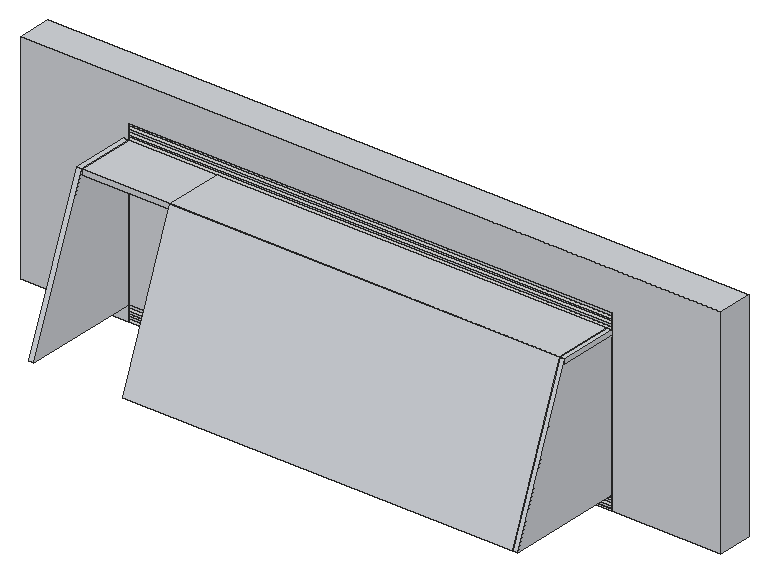
Revit family "Fireplace_Insert", category Generic Models, host Wall, Revit 2026
Family settings
  Host = Wall
  Can host rebar = No
  Round Connector Dimension = Use Diameter
  Part Type = Normal
  Always vertical = Yes
  Cut with Voids When Loaded = No
  Maintain Annotation Orientation = No
  Shared = No
  Room Calculation Point = No
Parameters
  gratefins = (Firebox Width / 0' 1")  # 30
  Warranty Duration (Years) = 0
  Test Data = ""
  Specification = "http://www.arcat.com/divs/sec/secXXXXX.shtml"
  Sales Information = ""
  Product Properties = "http://www.arcat.com/bim/bim_info.pl?fn=XXXXXXXX"
  Product Data = "http://www.arcat.com/divs/sec/secXXXXX.shtml"
  Model = "Generic"  # constant formula
  Manufacturer Website = "http://www.arcat.com/"
  Manufacturer Phone - Toll Free = ""
  Manufacturer Phone = "(203) 929-9444"  # constant formula
  Manufacturer Fax = "(203) 929-2444"  # constant formula
  Manufacturer Email = "bim@arcat.com"  # constant formula
  Manufacturer Address = "1077 Bridgeport Ave, Shelton, CT  06484"  # constant formula
  Manufacturer = "Generic"  # constant formula
  Mantle Thickness = 0' - 11"
  Maintenance Schedule (Months) = 0
  Installation-Fabrication = ""
  Installation Phase = ""
  Gross Width = 6' - 8 3/32"
  Gross Projection = 1' - 3"
  Gross Height = 4' - 8 57/128"
  Gross Depth = 1' - 3"
  Green Building-LEED = "http://www.arcat.com/green/green_building.shtml"
  Firebox Width = 2' - 6"
  Firebox Height = 4' - 8 57/128"
  Expected Lifespan (Years) = 0
  Drawn By = "Robert S. Weygant, CSI, CDT, SCIP"  # constant formula
  Default Elevation = 0' - 0"
  Copyright = "2008, ARCAT, Inc."  # constant formula
  Construction Details = "http://www.arcat.com/divs/sec/secXXXXX.shtml"
  Building Codes = ""
Reference planes (in)
  plane 1: y = -6.5
  plane 2 "Center (Left/Right)": x = 4.59649
  plane 3 "Wall Edge": y = -10
  plane 4: z = 22
  plane 5 "Left": x = 40.59649
  plane 6 "Right": x = -30.40351
  plane 7: y = 5
  plane 8: y = -10
  plane 9: x = 29.59649
  plane 10: z = 2.5
  plane 11: z = 11.5
  plane 12: x = -10.40351
  plane 13: x = 19.59649
Forms (in)
  Extrusion 1, solid
    sketch origin (-25.40221, -10, 0) x (-1, 0, 0) y (0, 0, 1)
      loop
        line (-5.9987, 0) -> (5.0013, 0) -> (5.0013, 22) -> (-65.9987, 22) -> (-65.9987, 0) -> (-54.9987, 0) -> (-54.9987, 18) -> (-5.9987, 18) -> (-5.9987, 0)
    from 0 to 3.5
  Extrusion 2, solid
    sketch origin (0.09649, -10, 0) x (-1, 0, 0) y (0, 0, 1)
      loop
        line (-19.5, 2.5) -> (10.5, 2.5) -> (10.5, 11.5) -> (-19.5, 11.5) -> (-19.5, 2.5)
      loop
        line (-29.5, 1.5) -> (19.5, 1.5) -> (19.5, 16) -> (-29.5, 16) -> (-29.5, 1.5)
    from 0 to 1
  Extrusion 3, solid
    sketch origin (0.09649, -10, 0) x (-1, 0, 0) y (0, 0, 1)
      loop
        line (-29.5, 0) -> (19.5, 0) -> (19.5, 0.25) -> (-29.5, 0.25) -> (-29.5, 0)
    from 0 to 3.5
  Extrusion 4, solid
    sketch origin (0.09649, -10, 0.5) x (-1, 0, 0) y (0, 0, 1)
      loop
        line (-29.5, 0) -> (19.5, 0) -> (19.5, 0.25) -> (-29.5, 0.25) -> (-29.5, 0)
    from 0 to 3.5
  Extrusion 5, solid
    sketch origin (0.09649, -10, 1) x (-1, 0, 0) y (0, 0, 1)
      loop
        line (-29.5, 0) -> (19.5, 0) -> (19.5, 0.25) -> (-29.5, 0.25) -> (-29.5, 0)
    from 0 to 3.5
  Extrusion 6, solid
    sketch origin (0.09649, -10, 16.5) x (-1, 0, 0) y (0, 0, 1)
      loop
        line (-29.5, 0) -> (19.5, 0) -> (19.5, 0.25) -> (-29.5, 0.25) -> (-29.5, 0)
    from 0 to 3.5
  Extrusion 7, solid
    sketch origin (0.09649, -10, 17) x (-1, 0, 0) y (0, 0, 1)
      loop
        line (-29.5, 0) -> (19.5, 0) -> (19.5, 0.25) -> (-29.5, 0.25) -> (-29.5, 0)
    from 0 to 3.5
  Extrusion 8, solid
    sketch origin (0.09649, -10, 17.5) x (-1, 0, 0) y (0, 0, 1)
      loop
        line (-29.5, 0) -> (19.5, 0) -> (19.5, 0.25) -> (-29.5, 0.25) -> (-29.5, 0)
    from 0 to 3.5
  Extrusion 9, solid
    sketch origin (-0.31091, 3.25, 1.5) x (-1, 0, 0) y (0, -1, 0)
      loop
        line (9.87135, 13) -> (10.0926, 13) -> (10.0926, 23.5) -> (9.87135, 23.5) -> (9.87135, 13)
    from 0 to 1
  Extrusion 10, solid
    sketch origin (0.09649, -10, 0) x (-1, 0, 0) y (0, 0, 1)
      loop
        line (19.5, 18) -> (-29.5, 18) -> (-29.5, 16.5) -> (19.5, 16.5) -> (19.5, 18)
      loop
        line (19.5, 1.5) -> (-29.5, 1.5) -> (-29.5, 0) -> (19.5, 0) -> (19.5, 1.5)
    from 0 to 0.125
  Extrusion 11, solid
    sketch origin (0.09649, 3, 16) x (-1, 0, 0) y (0, -1, 0)
      loop
        line (-29.5, 19) -> (-29.5, 13) -> (19.5, 13) -> (19.5, 19) -> (-29.5, 19)
    from 0 to 0.5
  Extrusion 12, solid
    sketch origin (21.09649, 3, 0) x (0, -1, 0) y (0, 0, 1)
      loop
        line (19, 16.5) -> (13, 16.5) -> (13, 1.5) -> (25, 1.5) -> (19, 16.5)
    from -8.5 to -8
  Extrusion 13, solid
    sketch origin (-24.90351, 3, 0) x (0, -1, 0) y (0, 0, 1)
      loop
        line (19, 16.5) -> (13, 16.5) -> (13, 1.5) -> (25, 1.5) -> (19, 16.5)
    from -5 to -5.5
  Extrusion 14, solid
    sketch origin (0.09649, 3, 0) x (0, -1, 0) y (0, 0, 1)
      loop
        line (19, 16) -> (24.65637, 2) -> (13, 2) -> (13, 1.5) -> (25, 1.5) -> (19, 16.5) -> (13, 16.5) -> (13, 16) -> (19, 16)
    from -29 to 10.5
  Extrusion 15, solid
    sketch origin (0.68909, 3.25, 1.5) x (-1, 0, 0) y (0, -1, 0)
      loop
        line (9.87135, 13) -> (10.0926, 13) -> (10.0926, 23.5) -> (9.87135, 23.5) -> (9.87135, 13)
    from 0 to 1
  Extrusion 16, solid
    sketch origin (1.68909, 3.25, 1.5) x (-1, 0, 0) y (0, -1, 0)
      loop
        line (9.87135, 13) -> (10.0926, 13) -> (10.0926, 23.5) -> (9.87135, 23.5) -> (9.87135, 13)
    from 0 to 1
  Extrusion 17, solid
    sketch origin (2.68909, 3.25, 1.5) x (-1, 0, 0) y (0, -1, 0)
      loop
        line (9.87135, 13) -> (10.0926, 13) -> (10.0926, 23.5) -> (9.87135, 23.5) -> (9.87135, 13)
    from 0 to 1
  Extrusion 18, solid
    sketch origin (3.68909, 3.25, 1.5) x (-1, 0, 0) y (0, -1, 0)
      loop
        line (9.87135, 13) -> (10.0926, 13) -> (10.0926, 23.5) -> (9.87135, 23.5) -> (9.87135, 13)
    from 0 to 1
  Extrusion 19, solid
    sketch origin (4.68909, 3.25, 1.5) x (-1, 0, 0) y (0, -1, 0)
      loop
        line (9.87135, 13) -> (10.0926, 13) -> (10.0926, 23.5) -> (9.87135, 23.5) -> (9.87135, 13)
    from 0 to 1
  Extrusion 20, solid
    sketch origin (5.68909, 3.25, 1.5) x (-1, 0, 0) y (0, -1, 0)
      loop
        line (9.87135, 13) -> (10.0926, 13) -> (10.0926, 23.5) -> (9.87135, 23.5) -> (9.87135, 13)
    from 0 to 1
  Extrusion 21, solid
    sketch origin (6.68909, 3.25, 1.5) x (-1, 0, 0) y (0, -1, 0)
      loop
        line (9.87135, 13) -> (10.0926, 13) -> (10.0926, 23.5) -> (9.87135, 23.5) -> (9.87135, 13)
    from 0 to 1
  Extrusion 22, solid
    sketch origin (7.68909, 3.25, 1.5) x (-1, 0, 0) y (0, -1, 0)
      loop
        line (9.87135, 13) -> (10.0926, 13) -> (10.0926, 23.5) -> (9.87135, 23.5) -> (9.87135, 13)
    from 0 to 1
  Extrusion 23, solid
    sketch origin (8.68909, 3.25, 1.5) x (-1, 0, 0) y (0, -1, 0)
      loop
        line (9.87135, 13) -> (10.0926, 13) -> (10.0926, 23.5) -> (9.87135, 23.5) -> (9.87135, 13)
    from 0 to 1
  Extrusion 24, solid
    sketch origin (9.68909, 3.25, 1.5) x (-1, 0, 0) y (0, -1, 0)
      loop
        line (9.87135, 13) -> (10.0926, 13) -> (10.0926, 23.5) -> (9.87135, 23.5) -> (9.87135, 13)
    from 0 to 1
  Extrusion 25, solid
    sketch origin (10.68909, 3.25, 1.5) x (-1, 0, 0) y (0, -1, 0)
      loop
        line (9.87135, 13) -> (10.0926, 13) -> (10.0926, 23.5) -> (9.87135, 23.5) -> (9.87135, 13)
    from 0 to 1
  Extrusion 26, solid
    sketch origin (11.68909, 3.25, 1.5) x (-1, 0, 0) y (0, -1, 0)
      loop
        line (9.87135, 13) -> (10.0926, 13) -> (10.0926, 23.5) -> (9.87135, 23.5) -> (9.87135, 13)
    from 0 to 1
  Extrusion 27, solid
    sketch origin (12.68909, 3.25, 1.5) x (-1, 0, 0) y (0, -1, 0)
      loop
        line (9.87135, 13) -> (10.0926, 13) -> (10.0926, 23.5) -> (9.87135, 23.5) -> (9.87135, 13)
    from 0 to 1
  Extrusion 28, solid
    sketch origin (13.68909, 3.25, 1.5) x (-1, 0, 0) y (0, -1, 0)
      loop
        line (9.87135, 13) -> (10.0926, 13) -> (10.0926, 23.5) -> (9.87135, 23.5) -> (9.87135, 13)
    from 0 to 1
  Extrusion 29, solid
    sketch origin (14.68909, 3.25, 1.5) x (-1, 0, 0) y (0, -1, 0)
      loop
        line (9.87135, 13) -> (10.0926, 13) -> (10.0926, 23.5) -> (9.87135, 23.5) -> (9.87135, 13)
    from 0 to 1
  Extrusion 30, solid
    sketch origin (15.68909, 3.25, 1.5) x (-1, 0, 0) y (0, -1, 0)
      loop
        line (9.87135, 13) -> (10.0926, 13) -> (10.0926, 23.5) -> (9.87135, 23.5) -> (9.87135, 13)
    from 0 to 1
  Extrusion 31, solid
    sketch origin (16.68909, 3.25, 1.5) x (-1, 0, 0) y (0, -1, 0)
      loop
        line (9.87135, 13) -> (10.0926, 13) -> (10.0926, 23.5) -> (9.87135, 23.5) -> (9.87135, 13)
    from 0 to 1
  Extrusion 32, solid
    sketch origin (17.68909, 3.25, 1.5) x (-1, 0, 0) y (0, -1, 0)
      loop
        line (9.87135, 13) -> (10.0926, 13) -> (10.0926, 23.5) -> (9.87135, 23.5) -> (9.87135, 13)
    from 0 to 1
  Extrusion 33, solid
    sketch origin (18.68909, 3.25, 1.5) x (-1, 0, 0) y (0, -1, 0)
      loop
        line (9.87135, 13) -> (10.0926, 13) -> (10.0926, 23.5) -> (9.87135, 23.5) -> (9.87135, 13)
    from 0 to 1
  Extrusion 34, solid
    sketch origin (19.68909, 3.25, 1.5) x (-1, 0, 0) y (0, -1, 0)
      loop
        line (9.87135, 13) -> (10.0926, 13) -> (10.0926, 23.5) -> (9.87135, 23.5) -> (9.87135, 13)
    from 0 to 1
  Extrusion 35, solid
    sketch origin (20.68909, 3.25, 1.5) x (-1, 0, 0) y (0, -1, 0)
      loop
        line (9.87135, 13) -> (10.0926, 13) -> (10.0926, 23.5) -> (9.87135, 23.5) -> (9.87135, 13)
    from 0 to 1
  Extrusion 36, solid
    sketch origin (21.68909, 3.25, 1.5) x (-1, 0, 0) y (0, -1, 0)
      loop
        line (9.87135, 13) -> (10.0926, 13) -> (10.0926, 23.5) -> (9.87135, 23.5) -> (9.87135, 13)
    from 0 to 1
  Extrusion 37, solid
    sketch origin (22.68909, 3.25, 1.5) x (-1, 0, 0) y (0, -1, 0)
      loop
        line (9.87135, 13) -> (10.0926, 13) -> (10.0926, 23.5) -> (9.87135, 23.5) -> (9.87135, 13)
    from 0 to 1
  Extrusion 38, solid
    sketch origin (23.68909, 3.25, 1.5) x (-1, 0, 0) y (0, -1, 0)
      loop
        line (9.87135, 13) -> (10.0926, 13) -> (10.0926, 23.5) -> (9.87135, 23.5) -> (9.87135, 13)
    from 0 to 1
  Extrusion 39, solid
    sketch origin (24.68909, 3.25, 1.5) x (-1, 0, 0) y (0, -1, 0)
      loop
        line (9.87135, 13) -> (10.0926, 13) -> (10.0926, 23.5) -> (9.87135, 23.5) -> (9.87135, 13)
    from 0 to 1
  Extrusion 40, solid
    sketch origin (25.68909, 3.25, 1.5) x (-1, 0, 0) y (0, -1, 0)
      loop
        line (9.87135, 13) -> (10.0926, 13) -> (10.0926, 23.5) -> (9.87135, 23.5) -> (9.87135, 13)
    from 0 to 1
  Extrusion 41, solid
    sketch origin (26.68909, 3.25, 1.5) x (-1, 0, 0) y (0, -1, 0)
      loop
        line (9.87135, 13) -> (10.0926, 13) -> (10.0926, 23.5) -> (9.87135, 23.5) -> (9.87135, 13)
    from 0 to 1
  Extrusion 42, solid
    sketch origin (27.68909, 3.25, 1.5) x (-1, 0, 0) y (0, -1, 0)
      loop
        line (9.87135, 13) -> (10.0926, 13) -> (10.0926, 23.5) -> (9.87135, 23.5) -> (9.87135, 13)
    from 0 to 1
  Extrusion 43, solid
    sketch origin (28.68909, 3.25, 1.5) x (-1, 0, 0) y (0, -1, 0)
      loop
        line (9.87135, 13) -> (10.0926, 13) -> (10.0926, 23.5) -> (9.87135, 23.5) -> (9.87135, 13)
    from 0 to 1
Lines and regions (in)
  Opening 1
    outline origin (-60, -16, 0) x (1, 0, 0) y (0, 0, 1)
      loop
        line (89.59649, 0) -> (89.59649, 18) -> (40.59649, 18) -> (40.59649, 0) -> (89.59649, 0)
Text (in)
  text "Interior" at (0, 40.15149, 123.01588), in view "A 203 - Side Elevation"
  text "Interior" at (-70.3804, 41.28885, 0), in view "A-101 Plan View"
  text "Interior" at (0, 81.62555, 140.59947), in view "Left"
  text "Exterior" at (-70.3804, -27.04218, 0), in view "A-101 Plan View"
  text "Exterior" at (0, -34.75086, 140.59947), in view "Left"
  text "Exterior" at (0, -52.24725, 123.01588), in view "A 203 - Side Elevation"
Dimensions and locks (in)
  locked: plane 3 "Wall Edge" to host wall
  locked: Extrusion 2 to Extrusion 12 at 0.5
  locked: Extrusion 13 to Extrusion 2 at 0.5
  Extrusion 2 to Extrusion 12 = 0' - 9 1/2"
  "Mantle Thickness": Extrusion 1 to Extrusion 1  (x2)
  Extrusion 1 to Extrusion 1 = 0' - 4"
  equal spacing: group 1, group 2, group 3, group 4, group 5, group 6, group 7, group 8, group 9, group 10, group 11, group 12, group 13, group 14, group 15, group 16, group 17, group 18, group 19, group 20, group 21, group 22, group 23, group 24, group 25, group 26, group 27, group 28, group 29, group 30  (x3)
  locked: level to plane 10 at 2.5
  Extrusion 2 to Extrusion 14 = 0' - 4 1/2"
  locked: Extrusion 14 to Extrusion 6 at 0.5
  locked: Extrusion 6 to Extrusion 1 at 1.5
  "Firebox Width": plane 13 to plane 12
  equal spacing: plane 13, plane 2 "Center (Left/Right)", plane 12
  equal spacing: Extrusion 13, plane 2 "Center (Left/Right)", Extrusion 12
  plane 6 "Right" to plane 2 "Center (Left/Right)" to plane 5 "Left" = 2' - 11", 3' - 0"
  plane 10 to plane 11 = 0' - 9"
  aligned and locked: plane 3 "Wall Edge" to plane 8
  aligned and locked: plane 3 "Wall Edge" to Extrusion 1
  aligned and locked: plane 1 to Extrusion 1
  aligned and locked: Extrusion 8 to plane 1
  aligned and locked: Extrusion 7 to plane 1
  aligned and locked: Extrusion 6 to plane 1
  aligned and locked: Extrusion 5 to plane 1
  aligned and locked: Extrusion 4 to plane 1
  aligned and locked: Extrusion 3 to plane 1
  aligned and locked: Opening 1 sketch curve to Extrusion 1  (x2)
  aligned and locked: Opening 1 sketch curve to Extrusion 3
  aligned and locked: Extrusion 1 to Opening 1 sketch curve
  aligned and locked: plane 5 "Left" to Extrusion 1
  aligned and locked: plane 6 "Right" to Extrusion 1
  aligned and locked: Extrusion 2 to Extrusion 1  (x2)
  aligned and locked: Extrusion 10 to Extrusion 1  (x3)
  aligned and locked: plane 4 to Extrusion 1
  aligned and locked: plane 9 to Extrusion 1
  aligned and locked: Extrusion 9 to Extrusion 14
  aligned and locked: plane 10 to Extrusion 2
  aligned and locked: Extrusion 2 to plane 11
  aligned and locked: Extrusion 2 to Extrusion 14
  aligned and locked: plane 12 to Extrusion 2
  aligned and locked: plane 13 to Extrusion 2
  aligned and locked: Extrusion 9 to plane 12
  aligned and locked: plane 9 to Extrusion 5
  aligned and locked: plane 9 to Extrusion 4
  aligned and locked: plane 9 to Extrusion 3
  aligned and locked: plane 9 to Extrusion 10
  aligned and locked: Extrusion 5 to Extrusion 1
  aligned and locked: Extrusion 4 to Extrusion 1
  aligned and locked: Extrusion 3 to Extrusion 1
  aligned and locked: Extrusion 8 to Extrusion 1  (x2)
  aligned and locked: Extrusion 7 to Extrusion 1  (x2)
  aligned and locked: Extrusion 6 to Extrusion 1  (x2)
  aligned and locked: Extrusion 11 to Extrusion 1  (x2)
  aligned and locked: Extrusion 12 to Extrusion 2
  aligned and locked: Extrusion 14 to Extrusion 12
  aligned and locked: Extrusion 13 to Extrusion 1
Automatic sketch dimensions
  Extrusion 1 sketch curve to level = 0' - 0"  (x2)
  plane 2 "Center (Left/Right)" to Extrusion 1 sketch curve = 3' - 0"
  Extrusion 1 sketch curve to Extrusion 1 sketch curve = 0' - 11"  (x2)
  Extrusion 1 sketch curve to plane 2 "Center (Left/Right)" = 2' - 0"
  Extrusion 1 sketch curve to Extrusion 1 sketch curve = 1' - 6"
  Extrusion 1 sketch curve to Extrusion 1 sketch curve = 0' - 4"
  level to Extrusion 2 sketch curve = 0' - 1 1/2"
  plane 2 "Center (Left/Right)" to Extrusion 2 sketch curve = 2' - 1"
  Extrusion 2 sketch curve to Extrusion 2 sketch curve = 0' - 10"
  level to Extrusion 2 sketch curve = 0' - 2 1/2"
  Extrusion 2 sketch curve to plane 2 "Center (Left/Right)" = 1' - 3"
  Extrusion 2 sketch curve to Extrusion 2 sketch curve = 0' - 9"  (x2)
  Extrusion 2 sketch curve to Extrusion 2 sketch curve = 0' - 4 1/2"
  Extrusion 3 sketch curve to level = 0' - 0"
  plane 2 "Center (Left/Right)" to Extrusion 3 sketch curve = 2' - 1"
  level to Extrusion 3 sketch curve = 0' - 0 1/4"
  Extrusion 3 sketch curve to plane 2 "Center (Left/Right)" = 2' - 0"
  level to Extrusion 4 sketch curve = 0' - 0 1/2"
  plane 2 "Center (Left/Right)" to Extrusion 4 sketch curve = 2' - 1"
  level to Extrusion 4 sketch curve = 0' - 0 3/4"
  Extrusion 4 sketch curve to plane 2 "Center (Left/Right)" = 2' - 0"
  level to Extrusion 5 sketch curve = 0' - 1"
  plane 2 "Center (Left/Right)" to Extrusion 5 sketch curve = 2' - 1"
  level to Extrusion 5 sketch curve = 0' - 1 1/4"
  Extrusion 5 sketch curve to plane 2 "Center (Left/Right)" = 2' - 0"
  plane 2 "Center (Left/Right)" to Extrusion 6 sketch curve = 2' - 1"
  Extrusion 6 sketch curve to plane 2 "Center (Left/Right)" = 2' - 0"
  level to Extrusion 6 sketch curve = 1' - 4 1/2"
  Extrusion 6 sketch curve to Extrusion 6 sketch curve = 0' - 0 1/4"
  plane 2 "Center (Left/Right)" to Extrusion 7 sketch curve = 2' - 1"
  Extrusion 7 sketch curve to plane 2 "Center (Left/Right)" = 2' - 0"
  level to Extrusion 7 sketch curve = 1' - 5"
  Extrusion 7 sketch curve to Extrusion 7 sketch curve = 0' - 0 1/4"
  plane 2 "Center (Left/Right)" to Extrusion 8 sketch curve = 2' - 1"
  Extrusion 8 sketch curve to plane 2 "Center (Left/Right)" = 2' - 0"
  level to Extrusion 8 sketch curve = 1' - 5 1/2"
  Extrusion 8 sketch curve to Extrusion 8 sketch curve = 0' - 0 1/4"
  Extrusion 9 sketch curve to Extrusion 9 sketch curve = 0' - 0.22125"
  Extrusion 10 sketch curve to level = 0' - 0"
  plane 2 "Center (Left/Right)" to Extrusion 10 sketch curve = 2' - 1"  (x2)
  Extrusion 10 sketch curve to plane 2 "Center (Left/Right)" = 2' - 0"  (x2)
  Extrusion 10 sketch curve to Extrusion 10 sketch curve = 0' - 1 1/2"  (x2)
  Extrusion 10 sketch curve to Extrusion 10 sketch curve = 1' - 3"
  plane 2 "Center (Left/Right)" to Extrusion 11 sketch curve = 2' - 1"
  Extrusion 11 sketch curve to plane 2 "Center (Left/Right)" = 2' - 0"
  host wall to Extrusion 11 sketch curve = 0' - 0"
  Extrusion 11 sketch curve to host wall = 0' - 6"
  host wall to Extrusion 12 sketch curve = 0' - 0"
  Extrusion 12 sketch curve to host wall = 0' - 6"
  host wall to Extrusion 12 sketch curve = 0' - 6"
  level to Extrusion 12 sketch curve = 0' - 1 1/2"
  Extrusion 12 sketch curve to Extrusion 12 sketch curve = 1' - 3"
  host wall to Extrusion 13 sketch curve = 0' - 0"
  Extrusion 13 sketch curve to host wall = 0' - 6"
  host wall to Extrusion 13 sketch curve = 0' - 6"
  level to Extrusion 13 sketch curve = 0' - 1 1/2"
  Extrusion 13 sketch curve to Extrusion 13 sketch curve = 1' - 3"
  level to Extrusion 14 sketch curve = 0' - 1 1/2"
  host wall to Extrusion 14 sketch curve = 0' - 0"  (x2)
  Extrusion 14 sketch curve to host wall = 0' - 6"
  Extrusion 14 sketch curve to Extrusion 14 sketch curve = 0' - 0"
  host wall to Extrusion 14 sketch curve = 0' - 5.65637"
  Extrusion 14 sketch curve to Extrusion 14 sketch curve = 0' - 0.34363"
  Extrusion 14 sketch curve to Extrusion 14 sketch curve = 0' - 0 1/2"  (x2)
  Extrusion 14 sketch curve to Extrusion 14 sketch curve = 1' - 2"
  Extrusion 9 sketch curve to Extrusion 9 sketch curve = 0' - 10 1/2"
  Extrusion 15 sketch curve to Extrusion 15 sketch curve = 0' - 0.22125"
  Extrusion 15 sketch curve to Extrusion 15 sketch curve = 0' - 10 1/2"
  Extrusion 16 sketch curve to Extrusion 16 sketch curve = 0' - 0.22125"
  Extrusion 16 sketch curve to Extrusion 16 sketch curve = 0' - 10 1/2"
  Extrusion 17 sketch curve to Extrusion 17 sketch curve = 0' - 0.22125"
  Extrusion 17 sketch curve to Extrusion 17 sketch curve = 0' - 10 1/2"
  Extrusion 18 sketch curve to Extrusion 18 sketch curve = 0' - 0.22125"
  Extrusion 18 sketch curve to Extrusion 18 sketch curve = 0' - 10 1/2"
  Extrusion 19 sketch curve to Extrusion 19 sketch curve = 0' - 0.22125"
  Extrusion 19 sketch curve to Extrusion 19 sketch curve = 0' - 10 1/2"
  Extrusion 20 sketch curve to Extrusion 20 sketch curve = 0' - 0.22125"
  Extrusion 20 sketch curve to Extrusion 20 sketch curve = 0' - 10 1/2"
  Extrusion 21 sketch curve to Extrusion 21 sketch curve = 0' - 0.22125"
  Extrusion 21 sketch curve to Extrusion 21 sketch curve = 0' - 10 1/2"
  Extrusion 22 sketch curve to Extrusion 22 sketch curve = 0' - 0.22125"
  Extrusion 22 sketch curve to Extrusion 22 sketch curve = 0' - 10 1/2"
  Extrusion 23 sketch curve to Extrusion 23 sketch curve = 0' - 0.22125"
  Extrusion 23 sketch curve to Extrusion 23 sketch curve = 0' - 10 1/2"
  Extrusion 24 sketch curve to Extrusion 24 sketch curve = 0' - 0.22125"
  Extrusion 24 sketch curve to Extrusion 24 sketch curve = 0' - 10 1/2"
  Extrusion 25 sketch curve to Extrusion 25 sketch curve = 0' - 0.22125"
  Extrusion 25 sketch curve to Extrusion 25 sketch curve = 0' - 10 1/2"
  Extrusion 26 sketch curve to Extrusion 26 sketch curve = 0' - 0.22125"
  Extrusion 26 sketch curve to Extrusion 26 sketch curve = 0' - 10 1/2"
  Extrusion 27 sketch curve to Extrusion 27 sketch curve = 0' - 0.22125"
  Extrusion 27 sketch curve to Extrusion 27 sketch curve = 0' - 10 1/2"
  Extrusion 28 sketch curve to Extrusion 28 sketch curve = 0' - 0.22125"
  Extrusion 28 sketch curve to Extrusion 28 sketch curve = 0' - 10 1/2"
  Extrusion 29 sketch curve to Extrusion 29 sketch curve = 0' - 0.22125"
  Extrusion 29 sketch curve to Extrusion 29 sketch curve = 0' - 10 1/2"
  Extrusion 30 sketch curve to Extrusion 30 sketch curve = 0' - 0.22125"
  Extrusion 30 sketch curve to Extrusion 30 sketch curve = 0' - 10 1/2"
  Extrusion 31 sketch curve to Extrusion 31 sketch curve = 0' - 0.22125"
  Extrusion 31 sketch curve to Extrusion 31 sketch curve = 0' - 10 1/2"
  Extrusion 32 sketch curve to Extrusion 32 sketch curve = 0' - 0.22125"
  Extrusion 32 sketch curve to Extrusion 32 sketch curve = 0' - 10 1/2"
  Extrusion 33 sketch curve to Extrusion 33 sketch curve = 0' - 0.22125"
  Extrusion 33 sketch curve to Extrusion 33 sketch curve = 0' - 10 1/2"
  Extrusion 34 sketch curve to Extrusion 34 sketch curve = 0' - 0.22125"
  Extrusion 34 sketch curve to Extrusion 34 sketch curve = 0' - 10 1/2"
  Extrusion 35 sketch curve to Extrusion 35 sketch curve = 0' - 0.22125"
  Extrusion 35 sketch curve to Extrusion 35 sketch curve = 0' - 10 1/2"
  Extrusion 36 sketch curve to Extrusion 36 sketch curve = 0' - 0.22125"
  Extrusion 36 sketch curve to Extrusion 36 sketch curve = 0' - 10 1/2"
  Extrusion 37 sketch curve to Extrusion 37 sketch curve = 0' - 0.22125"
  Extrusion 37 sketch curve to Extrusion 37 sketch curve = 0' - 10 1/2"
  Extrusion 38 sketch curve to Extrusion 38 sketch curve = 0' - 0.22125"
  Extrusion 38 sketch curve to Extrusion 38 sketch curve = 0' - 10 1/2"
  Extrusion 39 sketch curve to Extrusion 39 sketch curve = 0' - 0.22125"
  Extrusion 39 sketch curve to Extrusion 39 sketch curve = 0' - 10 1/2"
  Extrusion 40 sketch curve to Extrusion 40 sketch curve = 0' - 0.22125"
  Extrusion 40 sketch curve to Extrusion 40 sketch curve = 0' - 10 1/2"
  Extrusion 41 sketch curve to Extrusion 41 sketch curve = 0' - 0.22125"
  Extrusion 41 sketch curve to Extrusion 41 sketch curve = 0' - 10 1/2"
  Extrusion 42 sketch curve to Extrusion 42 sketch curve = 0' - 0.22125"
  Extrusion 42 sketch curve to Extrusion 42 sketch curve = 0' - 10 1/2"
  Extrusion 43 sketch curve to Extrusion 43 sketch curve = 0' - 0.22125"
  Extrusion 43 sketch curve to Extrusion 43 sketch curve = 0' - 10 1/2"
